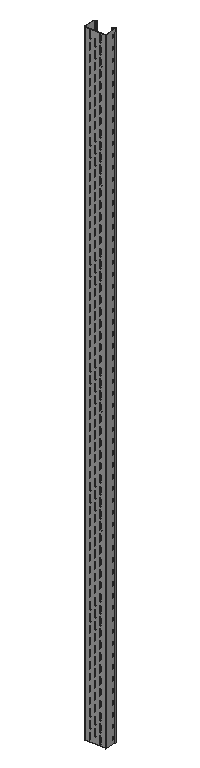
Revit family "Kabelrinne MKS 610FS", category Generic Models, Revit 2017
Family settings
  Can host rebar = No
  Round Connector Dimension = Use Diameter
  Part Type = Normal
  Work Plane-Based = No
  Always vertical = Yes
  Cut with Voids When Loaded = No
  Shared = No
  Room Calculation Point = No
Parameters (values of type "MKS 610 FS")
  Width 1 = Width / 2  # 50 mm
  Width = 100 mm
  URL = "http://www.obo-bettermann.com"
  Material = Strip galvanised
  Manufacturer Art.No. = "6055109"
  Manufacturer = "OBO BETTERMANN"
  Length = 3000 mm
  GTIN = "4012196059652"
  Cut's space = 50 mm
  Cut's number 2 = 60
  Cut's number = 2
  Article Type = "MKS 610 FS"
Reference planes
  plane 1 "Center (Front/Back)": y = 0
  plane 2: z = 0
  plane 3 "Center (Left/Right)": x = 0
  plane 4: x = -50
  plane 5: x = 50
  plane 6: y = 51
  plane 7: y = 54
  plane 8: y = 51
  plane 9: y = 54
  plane 10: z = 3000
  plane 11: x = -25
  plane 12: x = 25
  plane 13: z = 25
  plane 14: x = 25
  plane 15: x = 75
  plane 16: z = 25
  plane 17: x = -25
  plane 18: x = 25
  plane 19: z = 75
  plane 20: x = 25
  plane 21: x = 75
  plane 22: z = 75
  plane 23: x = -25
  plane 24: x = 25
  plane 25: z = 125
  plane 26: x = 25
  plane 27: x = 75
  plane 28: z = 125
  plane 29: x = -25
  plane 30: x = 25
  plane 31: z = 175
  plane 32: x = 25
  plane 33: x = 75
  plane 34: z = 175
  plane 35: x = -25
  plane 36: x = 25
  plane 37: z = 225
  plane 38: x = 25
  plane 39: x = 75
  plane 40: z = 225
  plane 41: x = -25
  plane 42: x = 25
  plane 43: z = 275
  plane 44: x = 25
  plane 45: x = 75
  plane 46: z = 275
  plane 47: x = -25
  plane 48: x = 25
  plane 49: z = 325
  plane 50: x = 25
  plane 51: x = 75
  plane 52: z = 325
  plane 53: x = -25
  plane 54: x = 25
  plane 55: z = 375
  plane 56: x = 25
  plane 57: x = 75
  plane 58: z = 375
  plane 59: x = -25
  plane 60: x = 25
  plane 61: z = 425
  plane 62: x = 25
  plane 63: x = 75
  plane 64: z = 425
  plane 65: x = -25
  plane 66: x = 25
  plane 67: z = 475
  plane 68: x = 25
  plane 69: x = 75
  plane 70: z = 475
  plane 71: x = -25
  plane 72: x = 25
  plane 73: z = 525
  plane 74: x = 25
  plane 75: x = 75
  plane 76: z = 525
  plane 77: x = -25
  plane 78: x = 25
  plane 79: z = 575
  plane 80: x = 25
  plane 81: x = 75
  plane 82: z = 575
  plane 83: x = -25
  plane 84: x = 25
  plane 85: z = 625
  plane 86: x = 25
  plane 87: x = 75
  plane 88: z = 625
  plane 89: x = -25
  plane 90: x = 25
  plane 91: z = 675
  plane 92: x = 25
  plane 93: x = 75
  plane 94: z = 675
  plane 95: x = -25
  plane 96: x = 25
  plane 97: z = 725
  plane 98: x = 25
  plane 99: x = 75
  plane 100: z = 725
  plane 101: x = -25
  plane 102: x = 25
  plane 103: z = 775
  plane 104: x = 25
  plane 105: x = 75
  plane 106: z = 775
  plane 107: x = -25
  plane 108: x = 25
  plane 109: z = 825
  plane 110: x = 25
  plane 111: x = 75
  plane 112: z = 825
  plane 113: x = -25
  plane 114: x = 25
  plane 115: z = 875
  plane 116: x = 25
  plane 117: x = 75
  plane 118: z = 875
  plane 119: x = -25
  plane 120: x = 25
  plane 121: z = 925
  plane 122: x = 25
  plane 123: x = 75
  plane 124: z = 925
  plane 125: x = -25
  plane 126: x = 25
  plane 127: z = 975
  plane 128: x = 25
  plane 129: x = 75
  plane 130: z = 975
  plane 131: x = -25
  plane 132: x = 25
  plane 133: z = 1025
  plane 134: x = 25
  plane 135: x = 75
  plane 136: z = 1025
  plane 137: x = -25
  plane 138: x = 25
  plane 139: z = 1075
  plane 140: x = 25
  plane 141: x = 75
  plane 142: z = 1075
  plane 143: x = -25
  plane 144: x = 25
  plane 145: z = 1125
  plane 146: x = 25
  plane 147: x = 75
  plane 148: z = 1125
  plane 149: x = -25
  plane 150: x = 25
  plane 151: z = 1175
  plane 152: x = 25
  plane 153: x = 75
  plane 154: z = 1175
  plane 155: x = -25
  plane 156: x = 25
  plane 157: z = 1225
  plane 158: x = 25
  plane 159: x = 75
  plane 160: z = 1225
  plane 161: x = -25
  plane 162: x = 25
  plane 163: z = 1275
  plane 164: x = 25
  plane 165: x = 75
  plane 166: z = 1275
  plane 167: x = -25
  plane 168: x = 25
  plane 169: z = 1325
  plane 170: x = 25
  plane 171: x = 75
  plane 172: z = 1325
  plane 173: x = -25
  plane 174: x = 25
  plane 175: z = 1375
  plane 176: x = 25
  plane 177: x = 75
  plane 178: z = 1375
  plane 179: x = -25
  plane 180: x = 25
  plane 181: z = 1425
  plane 182: x = 25
  plane 183: x = 75
  plane 184: z = 1425
  plane 185: x = -25
  plane 186: x = 25
  plane 187: z = 1475
  plane 188: x = 25
  plane 189: x = 75
  plane 190: z = 1475
  plane 191: x = -25
  plane 192: x = 25
  plane 193: z = 1525
  plane 194: x = 25
  plane 195: x = 75
  plane 196: z = 1525
  plane 197: x = -25
  plane 198: x = 25
  plane 199: z = 1575
  plane 200: x = 25
  plane 201: x = 75
  plane 202: z = 1575
  plane 203: x = -25
  plane 204: x = 25
  plane 205: z = 1625
  plane 206: x = 25
  plane 207: x = 75
  plane 208: z = 1625
  plane 209: x = -25
  plane 210: x = 25
  plane 211: z = 1675
  plane 212: x = 25
  plane 213: x = 75
  plane 214: z = 1675
  plane 215: x = -25
  plane 216: x = 25
  plane 217: z = 1725
  plane 218: x = 25
  plane 219: x = 75
  plane 220: z = 1725
  plane 221: x = -25
  plane 222: x = 25
  plane 223: z = 1775
  plane 224: x = 25
  plane 225: x = 75
  plane 226: z = 1775
  plane 227: x = -25
  plane 228: x = 25
  plane 229: z = 1825
  plane 230: x = 25
  plane 231: x = 75
  plane 232: z = 1825
  plane 233: x = -25
  plane 234: x = 25
  plane 235: z = 1875
  plane 236: x = 25
  plane 237: x = 75
  plane 238: z = 1875
  plane 239: x = -25
  plane 240: x = 25
  plane 241: z = 1925
  plane 242: x = 25
  plane 243: x = 75
  plane 244: z = 1925
  plane 245: x = -25
  plane 246: x = 25
  plane 247: z = 1975
  plane 248: x = 25
  plane 249: x = 75
  plane 250: z = 1975
  plane 251: x = -25
  plane 252: x = 25
  plane 253: z = 2025
  plane 254: x = 25
  plane 255: x = 75
  plane 256: z = 2025
  plane 257: x = -25
  plane 258: x = 25
  plane 259: z = 2075
  plane 260: x = 25
  plane 261: x = 75
  plane 262: z = 2075
  plane 263: x = -25
  plane 264: x = 25
  plane 265: z = 2125
  plane 266: x = 25
  plane 267: x = 75
  plane 268: z = 2125
  plane 269: x = -25
  plane 270: x = 25
  plane 271: z = 2175
  plane 272: x = 25
  plane 273: x = 75
  plane 274: z = 2175
  plane 275: x = -25
  plane 276: x = 25
  plane 277: z = 2225
  plane 278: x = 25
  plane 279: x = 75
  plane 280: z = 2225
  plane 281: x = -25
  plane 282: x = 25
  plane 283: z = 2275
  plane 284: x = 25
  plane 285: x = 75
  plane 286: z = 2275
  plane 287: x = -25
  plane 288: x = 25
  plane 289: z = 2325
  plane 290: x = 25
  plane 291: x = 75
  plane 292: z = 2325
  plane 293: x = -25
  plane 294: x = 25
  plane 295: z = 2375
  plane 296: x = 25
  plane 297: x = 75
  plane 298: z = 2375
  plane 299: x = -25
  plane 300: x = 25
  plane 301: z = 2425
  plane 302: x = 25
  plane 303: x = 75
  plane 304: z = 2425
  plane 305: x = -25
  plane 306: x = 25
  plane 307: z = 2475
  plane 308: x = 25
  plane 309: x = 75
  plane 310: z = 2475
  plane 311: x = -25
  plane 312: x = 25
  plane 313: z = 2525
  plane 314: x = 25
  plane 315: x = 75
  plane 316: z = 2525
  plane 317: x = -25
  plane 318: x = 25
  plane 319: z = 2575
  plane 320: x = 25
  plane 321: x = 75
  plane 322: z = 2575
  plane 323: x = -25
  plane 324: x = 25
  plane 325: z = 2625
  plane 326: x = 25
  plane 327: x = 75
  plane 328: z = 2625
  plane 329: x = -25
  plane 330: x = 25
  plane 331: z = 2675
  plane 332: x = 25
  plane 333: x = 75
  plane 334: z = 2675
  plane 335: x = -25
  plane 336: x = 25
  plane 337: z = 2725
  plane 338: x = 25
  plane 339: x = 75
  plane 340: z = 2725
  plane 341: x = -25
  plane 342: x = 25
  plane 343: z = 2775
  plane 344: x = 25
  plane 345: x = 75
  plane 346: z = 2775
  plane 347: x = -25
  plane 348: x = 25
  plane 349: z = 2825
  plane 350: x = 25
  plane 351: x = 75
  plane 352: z = 2825
  plane 353: x = -25
  plane 354: x = 25
  plane 355: z = 2875
  plane 356: x = 25
  plane 357: x = 75
  plane 358: z = 2875
  plane 359: x = -25
  plane 360: x = 25
  plane 361: z = 2925
  plane 362: x = 25
  plane 363: x = 75
  plane 364: z = 2925
  plane 365: x = -25
  plane 366: x = 25
  plane 367: z = 2975
  plane 368: x = 25
  plane 369: x = 75
  plane 370: z = 2975
  plane 371: y = 14.5
  plane 372: z = 25
  plane 373: y = 39.5
  plane 374: z = 25
  plane 375: y = 14.5
  plane 376: z = 75
  plane 377: y = 39.5
  plane 378: z = 75
  plane 379: y = 14.5
  plane 380: z = 125
  plane 381: y = 39.5
  plane 382: z = 125
  plane 383: y = 14.5
  plane 384: z = 175
  plane 385: y = 39.5
  plane 386: z = 175
  plane 387: y = 14.5
  plane 388: z = 225
  plane 389: y = 39.5
  plane 390: z = 225
  plane 391: y = 14.5
  plane 392: z = 275
  plane 393: y = 39.5
  plane 394: z = 275
  plane 395: y = 14.5
  plane 396: z = 325
  plane 397: y = 39.5
  plane 398: z = 325
  plane 399: y = 14.5
  plane 400: z = 375
  plane 401: y = 39.5
  plane 402: z = 375
  plane 403: y = 14.5
  plane 404: z = 425
  plane 405: y = 39.5
  plane 406: z = 425
  plane 407: y = 14.5
  plane 408: z = 475
  plane 409: y = 39.5
  plane 410: z = 475
  plane 411: y = 14.5
  plane 412: z = 525
  plane 413: y = 39.5
  plane 414: z = 525
  plane 415: y = 14.5
  plane 416: z = 575
  plane 417: y = 39.5
  plane 418: z = 575
  plane 419: y = 14.5
  plane 420: z = 625
  plane 421: y = 39.5
  plane 422: z = 625
  plane 423: y = 14.5
  plane 424: z = 675
  plane 425: y = 39.5
  plane 426: z = 675
  plane 427: y = 14.5
  plane 428: z = 725
  plane 429: y = 39.5
  plane 430: z = 725
  plane 431: y = 14.5
  plane 432: z = 775
  plane 433: y = 39.5
  plane 434: z = 775
  plane 435: y = 14.5
  plane 436: z = 825
  plane 437: y = 39.5
  plane 438: z = 825
  plane 439: y = 14.5
  plane 440: z = 875
  plane 441: y = 39.5
  plane 442: z = 875
  plane 443: y = 14.5
  plane 444: z = 925
  plane 445: y = 39.5
  plane 446: z = 925
  plane 447: y = 14.5
  plane 448: z = 975
  plane 449: y = 39.5
  plane 450: z = 975
  plane 451: y = 14.5
  plane 452: z = 1025
  plane 453: y = 39.5
  plane 454: z = 1025
  plane 455: y = 14.5
  plane 456: z = 1075
  plane 457: y = 39.5
  plane 458: z = 1075
  plane 459: y = 14.5
  plane 460: z = 1125
  plane 461: y = 39.5
  plane 462: z = 1125
  plane 463: y = 14.5
  plane 464: z = 1175
  plane 465: y = 39.5
  plane 466: z = 1175
  plane 467: y = 14.5
  plane 468: z = 1225
  plane 469: y = 39.5
  plane 470: z = 1225
  plane 471: y = 14.5
  plane 472: z = 1275
  plane 473: y = 39.5
  plane 474: z = 1275
  plane 475: y = 14.5
  plane 476: z = 1325
  plane 477: y = 39.5
  plane 478: z = 1325
  plane 479: y = 14.5
  plane 480: z = 1375
  plane 481: y = 39.5
  plane 482: z = 1375
  plane 483: y = 14.5
  plane 484: z = 1425
  plane 485: y = 39.5
  plane 486: z = 1425
  plane 487: y = 14.5
  plane 488: z = 1475
  plane 489: y = 39.5
  plane 490: z = 1475
  plane 491: y = 14.5
  plane 492: z = 1525
  plane 493: y = 39.5
  plane 494: z = 1525
  plane 495: y = 14.5
  plane 496: z = 1575
  plane 497: y = 39.5
  plane 498: z = 1575
  plane 499: y = 14.5
  plane 500: z = 1625
  plane 501: y = 39.5
  plane 502: z = 1625
  plane 503: y = 14.5
  plane 504: z = 1675
  plane 505: y = 39.5
  plane 506: z = 1675
  plane 507: y = 14.5
  plane 508: z = 1725
  plane 509: y = 39.5
  plane 510: z = 1725
  plane 511: y = 14.5
  plane 512: z = 1775
  plane 513: y = 39.5
  plane 514: z = 1775
  plane 515: y = 14.5
  plane 516: z = 1825
  plane 517: y = 39.5
  plane 518: z = 1825
  plane 519: y = 14.5
  plane 520: z = 1875
  plane 521: y = 39.5
  plane 522: z = 1875
  plane 523: y = 14.5
  plane 524: z = 1925
  plane 525: y = 39.5
  plane 526: z = 1925
  plane 527: y = 14.5
  plane 528: z = 1975
  plane 529: y = 39.5
  plane 530: z = 1975
  plane 531: y = 14.5
  plane 532: z = 2025
  plane 533: y = 39.5
  plane 534: z = 2025
  plane 535: y = 14.5
  plane 536: z = 2075
  plane 537: y = 39.5
  plane 538: z = 2075
  plane 539: y = 14.5
  plane 540: z = 2125
  plane 541: y = 39.5
  plane 542: z = 2125
  plane 543: y = 14.5
  plane 544: z = 2175
  plane 545: y = 39.5
  plane 546: z = 2175
  plane 547: y = 14.5
  plane 548: z = 2225
  plane 549: y = 39.5
  plane 550: z = 2225
  plane 551: y = 14.5
  plane 552: z = 2275
  plane 553: y = 39.5
  plane 554: z = 2275
  plane 555: y = 14.5
  plane 556: z = 2325
  plane 557: y = 39.5
  plane 558: z = 2325
  plane 559: y = 14.5
  plane 560: z = 2375
  plane 561: y = 39.5
  plane 562: z = 2375
  plane 563: y = 14.5
  plane 564: z = 2425
  plane 565: y = 39.5
  plane 566: z = 2425
  plane 567: y = 14.5
  plane 568: z = 2475
  plane 569: y = 39.5
  plane 570: z = 2475
  plane 571: y = 14.5
  plane 572: z = 2525
  plane 573: y = 39.5
  plane 574: z = 2525
  plane 575: y = 14.5
  plane 576: z = 2575
  plane 577: y = 39.5
  plane 578: z = 2575
  plane 579: y = 14.5
  plane 580: z = 2625
  plane 581: y = 39.5
  plane 582: z = 2625
  plane 583: y = 14.5
  plane 584: z = 2675
  plane 585: y = 39.5
  plane 586: z = 2675
  plane 587: y = 14.5
  plane 588: z = 2725
  plane 589: y = 39.5
  plane 590: z = 2725
  plane 591: y = 14.5
  plane 592: z = 2775
  plane 593: y = 39.5
  plane 594: z = 2775
  plane 595: y = 14.5
  plane 596: z = 2825
  plane 597: y = 39.5
  plane 598: z = 2825
  plane 599: y = 14.5
  plane 600: z = 2875
  plane 601: y = 39.5
  plane 602: z = 2875
  plane 603: y = 14.5
  plane 604: z = 2925
  plane 605: y = 39.5
  plane 606: z = 2925
  plane 607: y = 14.5
  plane 608: z = 2975
  plane 609: y = 39.5
  plane 610: z = 2975
  plane 611: y = 14.5
  plane 612: z = 25
  plane 613: y = 39.5
  plane 614: z = 25
  plane 615: y = 14.5
  plane 616: z = 75
  plane 617: y = 39.5
  plane 618: z = 75
  plane 619: y = 14.5
  plane 620: z = 125
  plane 621: y = 39.5
  plane 622: z = 125
  plane 623: y = 14.5
  plane 624: z = 175
  plane 625: y = 39.5
  plane 626: z = 175
  plane 627: y = 14.5
  plane 628: z = 225
  plane 629: y = 39.5
  plane 630: z = 225
  plane 631: y = 14.5
  plane 632: z = 275
  plane 633: y = 39.5
  plane 634: z = 275
  plane 635: y = 14.5
  plane 636: z = 325
  plane 637: y = 39.5
  plane 638: z = 325
  plane 639: y = 14.5
  plane 640: z = 375
  plane 641: y = 39.5
  plane 642: z = 375
  plane 643: y = 14.5
  plane 644: z = 425
  plane 645: y = 39.5
  plane 646: z = 425
  plane 647: y = 14.5
  plane 648: z = 475
  plane 649: y = 39.5
  plane 650: z = 475
  plane 651: y = 14.5
  plane 652: z = 525
  plane 653: y = 39.5
  plane 654: z = 525
  plane 655: y = 14.5
  plane 656: z = 575
  plane 657: y = 39.5
  plane 658: z = 575
  plane 659: y = 14.5
  plane 660: z = 625
  plane 661: y = 39.5
  plane 662: z = 625
  plane 663: y = 14.5
  plane 664: z = 675
  plane 665: y = 39.5
  plane 666: z = 675
  plane 667: y = 14.5
  plane 668: z = 725
  plane 669: y = 39.5
  plane 670: z = 725
  plane 671: y = 14.5
  plane 672: z = 775
  plane 673: y = 39.5
  plane 674: z = 775
  plane 675: y = 14.5
  plane 676: z = 825
  plane 677: y = 39.5
  plane 678: z = 825
  plane 679: y = 14.5
  plane 680: z = 875
  plane 681: y = 39.5
  plane 682: z = 875
  plane 683: y = 14.5
  plane 684: z = 925
  plane 685: y = 39.5
  plane 686: z = 925
  plane 687: y = 14.5
  plane 688: z = 975
  plane 689: y = 39.5
  plane 690: z = 975
  plane 691: y = 14.5
  plane 692: z = 1025
  plane 693: y = 39.5
  plane 694: z = 1025
  plane 695: y = 14.5
  plane 696: z = 1075
  plane 697: y = 39.5
  plane 698: z = 1075
  plane 699: y = 14.5
  plane 700: z = 1125
  plane 701: y = 39.5
  plane 702: z = 1125
  plane 703: y = 14.5
  plane 704: z = 1175
  plane 705: y = 39.5
  plane 706: z = 1175
  plane 707: y = 14.5
  plane 708: z = 1225
  plane 709: y = 39.5
  plane 710: z = 1225
  plane 711: y = 14.5
  plane 712: z = 1275
  plane 713: y = 39.5
  plane 714: z = 1275
  plane 715: y = 14.5
  plane 716: z = 1325
  plane 717: y = 39.5
  plane 718: z = 1325
  plane 719: y = 14.5
  plane 720: z = 1375
  plane 721: y = 39.5
  plane 722: z = 1375
  plane 723: y = 14.5
  plane 724: z = 1425
  plane 725: y = 39.5
  plane 726: z = 1425
  plane 727: y = 14.5
  plane 728: z = 1475
  plane 729: y = 39.5
  plane 730: z = 1475
  plane 731: y = 14.5
  plane 732: z = 1525
  plane 733: y = 39.5
  plane 734: z = 1525
  plane 735: y = 14.5
  plane 736: z = 1575
  plane 737: y = 39.5
  plane 738: z = 1575
  plane 739: y = 14.5
  plane 740: z = 1625
  plane 741: y = 39.5
  plane 742: z = 1625
  plane 743: y = 14.5
  plane 744: z = 1675
  plane 745: y = 39.5
  plane 746: z = 1675
  plane 747: y = 14.5
  plane 748: z = 1725
  plane 749: y = 39.5
  plane 750: z = 1725
  plane 751: y = 14.5
  plane 752: z = 1775
  plane 753: y = 39.5
  plane 754: z = 1775
  plane 755: y = 14.5
  plane 756: z = 1825
  plane 757: y = 39.5
  plane 758: z = 1825
  plane 759: y = 14.5
  plane 760: z = 1875
  plane 761: y = 39.5
  plane 762: z = 1875
  plane 763: y = 14.5
  plane 764: z = 1925
  plane 765: y = 39.5
  plane 766: z = 1925
  plane 767: y = 14.5
  plane 768: z = 1975
  plane 769: y = 39.5
  plane 770: z = 1975
  plane 771: y = 14.5
  plane 772: z = 2025
  plane 773: y = 39.5
  plane 774: z = 2025
  plane 775: y = 14.5
  plane 776: z = 2075
  plane 777: y = 39.5
  plane 778: z = 2075
  plane 779: y = 14.5
  plane 780: z = 2125
  plane 781: y = 39.5
  plane 782: z = 2125
  plane 783: y = 14.5
  plane 784: z = 2175
  plane 785: y = 39.5
  plane 786: z = 2175
  plane 787: y = 14.5
  plane 788: z = 2225
  plane 789: y = 39.5
  plane 790: z = 2225
  plane 791: y = 14.5
  plane 792: z = 2275
  plane 793: y = 39.5
  plane 794: z = 2275
  plane 795: y = 14.5
  plane 796: z = 2325
  plane 797: y = 39.5
  plane 798: z = 2325
  plane 799: y = 14.5
  plane 800: z = 2375
  plane 801: y = 39.5
  plane 802: z = 2375
  plane 803: y = 14.5
  plane 804: z = 2425
  plane 805: y = 39.5
  plane 806: z = 2425
  plane 807: y = 14.5
  plane 808: z = 2475
  plane 809: y = 39.5
  plane 810: z = 2475
  plane 811: y = 14.5
  plane 812: z = 2525
  plane 813: y = 39.5
  plane 814: z = 2525
  plane 815: y = 14.5
  plane 816: z = 2575
  plane 817: y = 39.5
  plane 818: z = 2575
  plane 819: y = 14.5
  plane 820: z = 2625
  plane 821: y = 39.5
  plane 822: z = 2625
  plane 823: y = 14.5
  plane 824: z = 2675
  plane 825: y = 39.5
  plane 826: z = 2675
  plane 827: y = 14.5
  plane 828: z = 2725
  plane 829: y = 39.5
  plane 830: z = 2725
  plane 831: y = 14.5
  plane 832: z = 2775
  plane 833: y = 39.5
  plane 834: z = 2775
  plane 835: y = 14.5
  plane 836: z = 2825
  plane 837: y = 39.5
  plane 838: z = 2825
  plane 839: y = 14.5
  plane 840: z = 2875
  plane 841: y = 39.5
  plane 842: z = 2875
  plane 843: y = 14.5
  plane 844: z = 2925
  plane 845: y = 39.5
  plane 846: z = 2925
  plane 847: y = 14.5
  plane 848: z = 2975
  plane 849: y = 39.5
  plane 850: z = 2975
  plane 851: z = 50
  plane 852: z = 100
  plane 853: z = 150
  plane 854: z = 200
  plane 855: z = 250
  plane 856: z = 300
  plane 857: z = 350
  plane 858: z = 400
  plane 859: z = 450
  plane 860: z = 500
  plane 861: z = 550
  plane 862: z = 600
  plane 863: z = 650
  plane 864: z = 700
  plane 865: z = 750
  plane 866: z = 800
  plane 867: z = 850
  plane 868: z = 900
  plane 869: z = 950
  plane 870: z = 1000
  plane 871: z = 1050
  plane 872: z = 1100
  plane 873: z = 1150
  plane 874: z = 1200
  plane 875: z = 1250
  plane 876: z = 1300
  plane 877: z = 1350
  plane 878: z = 1400
  plane 879: z = 1450
  plane 880: z = 1500
  plane 881: z = 1550
  plane 882: z = 1600
  plane 883: z = 1650
  plane 884: z = 1700
  plane 885: z = 1750
  plane 886: z = 1800
  plane 887: z = 1850
  plane 888: z = 1900
  plane 889: z = 1950
  plane 890: z = 2000
  plane 891: z = 2050
  plane 892: z = 2100
  plane 893: z = 2150
  plane 894: z = 2200
  plane 895: z = 2250
  plane 896: z = 2300
  plane 897: z = 2350
  plane 898: z = 2400
  plane 899: z = 2450
  plane 900: z = 2500
  plane 901: z = 2550
  plane 902: z = 2600
  plane 903: z = 2650
  plane 904: z = 2700
  plane 905: z = 2750
  plane 906: z = 2800
  plane 907: z = 2850
  plane 908: z = 2900
  plane 909: z = 2950
Forms (mm)
  Extrusion 1, solid, material "Strip galvanised" <- "Material"
    sketch origin (0, 0, 0) x (1, 0, 0) y (0, 1, 0)
      loop
        line (-48, 0) -> (48, 0)
        arc (48, 0) -> (49.414, 0.586) -> (50, 2) r 2
        line (50, 2) -> (50, 54)
        arc (50, 54) -> (43.997, 60.003) -> (37.995, 54) r 6.003
        line (37.995, 54) -> (37.995, 51) -> (38.995, 51) -> (38.995, 54)
        arc (38.995, 54) -> (43.997, 59.003) -> (49, 54) r 5.003
        line (49, 54) -> (49, 2)
        arc (49, 2) -> (48.707, 1.293) -> (48, 1) r 1
        line (48, 1) -> (-48, 1)
        arc (-48, 1) -> (-48.707, 1.293) -> (-49, 2) r 1
        line (-49, 2) -> (-49, 54)
        arc (-49, 54) -> (-44, 59) -> (-39, 54) r 5
        line (-39, 54) -> (-39, 51) -> (-38, 51) -> (-38, 54)
        arc (-38, 54) -> (-44, 60) -> (-50, 54) r 6
        line (-50, 54) -> (-50, 2)
        arc (-50, 2) -> (-49.414, 0.586) -> (-48, 0) r 2
    from 0 to 3000
  Extrusion 2, void
    sketch origin (0, 0, 0) x (1, 0, 0) y (0, 0, 1)
      loop
        line (-28.5, 41) -> (-28.5, 9) -> (-21.5, 9) -> (-21.5, 41) -> (-28.5, 41)
    from 0 to -1
  Extrusion 3, void
    sketch origin (50, 0, 0) x (1, 0, 0) y (0, 0, 1)
      loop
        line (-28.5, 41) -> (-28.5, 9) -> (-21.5, 9) -> (-21.5, 41) -> (-28.5, 41)
    from 0 to -1
  Extrusion 4, void
    sketch origin (0, 0, 50) x (1, 0, 0) y (0, 0, 1)
      loop
        line (-28.5, 41) -> (-28.5, 9) -> (-21.5, 9) -> (-21.5, 41) -> (-28.5, 41)
    from 0 to -1
  Extrusion 5, void
    sketch origin (50, 0, 50) x (1, 0, 0) y (0, 0, 1)
      loop
        line (-28.5, 41) -> (-28.5, 9) -> (-21.5, 9) -> (-21.5, 41) -> (-28.5, 41)
    from 0 to -1
  Extrusion 6, void
    sketch origin (0, 0, 100) x (1, 0, 0) y (0, 0, 1)
      loop
        line (-28.5, 41) -> (-28.5, 9) -> (-21.5, 9) -> (-21.5, 41) -> (-28.5, 41)
    from 0 to -1
  Extrusion 7, void
    sketch origin (50, 0, 100) x (1, 0, 0) y (0, 0, 1)
      loop
        line (-28.5, 41) -> (-28.5, 9) -> (-21.5, 9) -> (-21.5, 41) -> (-28.5, 41)
    from 0 to -1
  Extrusion 8, void
    sketch origin (0, 0, 150) x (1, 0, 0) y (0, 0, 1)
      loop
        line (-28.5, 41) -> (-28.5, 9) -> (-21.5, 9) -> (-21.5, 41) -> (-28.5, 41)
    from 0 to -1
  Extrusion 9, void
    sketch origin (50, 0, 150) x (1, 0, 0) y (0, 0, 1)
      loop
        line (-28.5, 41) -> (-28.5, 9) -> (-21.5, 9) -> (-21.5, 41) -> (-28.5, 41)
    from 0 to -1
  Extrusion 10, void
    sketch origin (0, 0, 200) x (1, 0, 0) y (0, 0, 1)
      loop
        line (-28.5, 41) -> (-28.5, 9) -> (-21.5, 9) -> (-21.5, 41) -> (-28.5, 41)
    from 0 to -1
  Extrusion 11, void
    sketch origin (50, 0, 200) x (1, 0, 0) y (0, 0, 1)
      loop
        line (-28.5, 41) -> (-28.5, 9) -> (-21.5, 9) -> (-21.5, 41) -> (-28.5, 41)
    from 0 to -1
  Extrusion 12, void
    sketch origin (0, 0, 250) x (1, 0, 0) y (0, 0, 1)
      loop
        line (-28.5, 41) -> (-28.5, 9) -> (-21.5, 9) -> (-21.5, 41) -> (-28.5, 41)
    from 0 to -1
  Extrusion 13, void
    sketch origin (50, 0, 250) x (1, 0, 0) y (0, 0, 1)
      loop
        line (-28.5, 41) -> (-28.5, 9) -> (-21.5, 9) -> (-21.5, 41) -> (-28.5, 41)
    from 0 to -1
  Extrusion 14, void
    sketch origin (0, 0, 300) x (1, 0, 0) y (0, 0, 1)
      loop
        line (-28.5, 41) -> (-28.5, 9) -> (-21.5, 9) -> (-21.5, 41) -> (-28.5, 41)
    from 0 to -1
  Extrusion 15, void
    sketch origin (50, 0, 300) x (1, 0, 0) y (0, 0, 1)
      loop
        line (-28.5, 41) -> (-28.5, 9) -> (-21.5, 9) -> (-21.5, 41) -> (-28.5, 41)
    from 0 to -1
  Extrusion 16, void
    sketch origin (0, 0, 350) x (1, 0, 0) y (0, 0, 1)
      loop
        line (-28.5, 41) -> (-28.5, 9) -> (-21.5, 9) -> (-21.5, 41) -> (-28.5, 41)
    from 0 to -1
  Extrusion 17, void
    sketch origin (50, 0, 350) x (1, 0, 0) y (0, 0, 1)
      loop
        line (-28.5, 41) -> (-28.5, 9) -> (-21.5, 9) -> (-21.5, 41) -> (-28.5, 41)
    from 0 to -1
  Extrusion 18, void
    sketch origin (0, 0, 400) x (1, 0, 0) y (0, 0, 1)
      loop
        line (-28.5, 41) -> (-28.5, 9) -> (-21.5, 9) -> (-21.5, 41) -> (-28.5, 41)
    from 0 to -1
  Extrusion 19, void
    sketch origin (50, 0, 400) x (1, 0, 0) y (0, 0, 1)
      loop
        line (-28.5, 41) -> (-28.5, 9) -> (-21.5, 9) -> (-21.5, 41) -> (-28.5, 41)
    from 0 to -1
  Extrusion 20, void
    sketch origin (0, 0, 450) x (1, 0, 0) y (0, 0, 1)
      loop
        line (-28.5, 41) -> (-28.5, 9) -> (-21.5, 9) -> (-21.5, 41) -> (-28.5, 41)
    from 0 to -1
  Extrusion 21, void
    sketch origin (50, 0, 450) x (1, 0, 0) y (0, 0, 1)
      loop
        line (-28.5, 41) -> (-28.5, 9) -> (-21.5, 9) -> (-21.5, 41) -> (-28.5, 41)
    from 0 to -1
  Extrusion 22, void
    sketch origin (0, 0, 500) x (1, 0, 0) y (0, 0, 1)
      loop
        line (-28.5, 41) -> (-28.5, 9) -> (-21.5, 9) -> (-21.5, 41) -> (-28.5, 41)
    from 0 to -1
  Extrusion 23, void
    sketch origin (50, 0, 500) x (1, 0, 0) y (0, 0, 1)
      loop
        line (-28.5, 41) -> (-28.5, 9) -> (-21.5, 9) -> (-21.5, 41) -> (-28.5, 41)
    from 0 to -1
  Extrusion 24, void
    sketch origin (0, 0, 550) x (1, 0, 0) y (0, 0, 1)
      loop
        line (-28.5, 41) -> (-28.5, 9) -> (-21.5, 9) -> (-21.5, 41) -> (-28.5, 41)
    from 0 to -1
  Extrusion 25, void
    sketch origin (50, 0, 550) x (1, 0, 0) y (0, 0, 1)
      loop
        line (-28.5, 41) -> (-28.5, 9) -> (-21.5, 9) -> (-21.5, 41) -> (-28.5, 41)
    from 0 to -1
  Extrusion 26, void
    sketch origin (0, 0, 600) x (1, 0, 0) y (0, 0, 1)
      loop
        line (-28.5, 41) -> (-28.5, 9) -> (-21.5, 9) -> (-21.5, 41) -> (-28.5, 41)
    from 0 to -1
  Extrusion 27, void
    sketch origin (50, 0, 600) x (1, 0, 0) y (0, 0, 1)
      loop
        line (-28.5, 41) -> (-28.5, 9) -> (-21.5, 9) -> (-21.5, 41) -> (-28.5, 41)
    from 0 to -1
  Extrusion 28, void
    sketch origin (0, 0, 650) x (1, 0, 0) y (0, 0, 1)
      loop
        line (-28.5, 41) -> (-28.5, 9) -> (-21.5, 9) -> (-21.5, 41) -> (-28.5, 41)
    from 0 to -1
  Extrusion 29, void
    sketch origin (50, 0, 650) x (1, 0, 0) y (0, 0, 1)
      loop
        line (-28.5, 41) -> (-28.5, 9) -> (-21.5, 9) -> (-21.5, 41) -> (-28.5, 41)
    from 0 to -1
  Extrusion 30, void
    sketch origin (0, 0, 700) x (1, 0, 0) y (0, 0, 1)
      loop
        line (-28.5, 41) -> (-28.5, 9) -> (-21.5, 9) -> (-21.5, 41) -> (-28.5, 41)
    from 0 to -1
  Extrusion 31, void
    sketch origin (50, 0, 700) x (1, 0, 0) y (0, 0, 1)
      loop
        line (-28.5, 41) -> (-28.5, 9) -> (-21.5, 9) -> (-21.5, 41) -> (-28.5, 41)
    from 0 to -1
  Extrusion 32, void
    sketch origin (0, 0, 750) x (1, 0, 0) y (0, 0, 1)
      loop
        line (-28.5, 41) -> (-28.5, 9) -> (-21.5, 9) -> (-21.5, 41) -> (-28.5, 41)
    from 0 to -1
  Extrusion 33, void
    sketch origin (50, 0, 750) x (1, 0, 0) y (0, 0, 1)
      loop
        line (-28.5, 41) -> (-28.5, 9) -> (-21.5, 9) -> (-21.5, 41) -> (-28.5, 41)
    from 0 to -1
  Extrusion 34, void
    sketch origin (0, 0, 800) x (1, 0, 0) y (0, 0, 1)
      loop
        line (-28.5, 41) -> (-28.5, 9) -> (-21.5, 9) -> (-21.5, 41) -> (-28.5, 41)
    from 0 to -1
  Extrusion 35, void
    sketch origin (50, 0, 800) x (1, 0, 0) y (0, 0, 1)
      loop
        line (-28.5, 41) -> (-28.5, 9) -> (-21.5, 9) -> (-21.5, 41) -> (-28.5, 41)
    from 0 to -1
  Extrusion 36, void
    sketch origin (0, 0, 850) x (1, 0, 0) y (0, 0, 1)
      loop
        line (-28.5, 41) -> (-28.5, 9) -> (-21.5, 9) -> (-21.5, 41) -> (-28.5, 41)
    from 0 to -1
  Extrusion 37, void
    sketch origin (50, 0, 850) x (1, 0, 0) y (0, 0, 1)
      loop
        line (-28.5, 41) -> (-28.5, 9) -> (-21.5, 9) -> (-21.5, 41) -> (-28.5, 41)
    from 0 to -1
  Extrusion 38, void
    sketch origin (0, 0, 900) x (1, 0, 0) y (0, 0, 1)
      loop
        line (-28.5, 41) -> (-28.5, 9) -> (-21.5, 9) -> (-21.5, 41) -> (-28.5, 41)
    from 0 to -1
  Extrusion 39, void
    sketch origin (50, 0, 900) x (1, 0, 0) y (0, 0, 1)
      loop
        line (-28.5, 41) -> (-28.5, 9) -> (-21.5, 9) -> (-21.5, 41) -> (-28.5, 41)
    from 0 to -1
  Extrusion 40, void
    sketch origin (0, 0, 950) x (1, 0, 0) y (0, 0, 1)
      loop
        line (-28.5, 41) -> (-28.5, 9) -> (-21.5, 9) -> (-21.5, 41) -> (-28.5, 41)
    from 0 to -1
  Extrusion 41, void
    sketch origin (50, 0, 950) x (1, 0, 0) y (0, 0, 1)
      loop
        line (-28.5, 41) -> (-28.5, 9) -> (-21.5, 9) -> (-21.5, 41) -> (-28.5, 41)
    from 0 to -1
  Extrusion 42, void
    sketch origin (0, 0, 1000) x (1, 0, 0) y (0, 0, 1)
      loop
        line (-28.5, 41) -> (-28.5, 9) -> (-21.5, 9) -> (-21.5, 41) -> (-28.5, 41)
    from 0 to -1
  Extrusion 43, void
    sketch origin (50, 0, 1000) x (1, 0, 0) y (0, 0, 1)
      loop
        line (-28.5, 41) -> (-28.5, 9) -> (-21.5, 9) -> (-21.5, 41) -> (-28.5, 41)
    from 0 to -1
  Extrusion 44, void
    sketch origin (0, 0, 1050) x (1, 0, 0) y (0, 0, 1)
      loop
        line (-28.5, 41) -> (-28.5, 9) -> (-21.5, 9) -> (-21.5, 41) -> (-28.5, 41)
    from 0 to -1
  Extrusion 45, void
    sketch origin (50, 0, 1050) x (1, 0, 0) y (0, 0, 1)
      loop
        line (-28.5, 41) -> (-28.5, 9) -> (-21.5, 9) -> (-21.5, 41) -> (-28.5, 41)
    from 0 to -1
  Extrusion 46, void
    sketch origin (0, 0, 1100) x (1, 0, 0) y (0, 0, 1)
      loop
        line (-28.5, 41) -> (-28.5, 9) -> (-21.5, 9) -> (-21.5, 41) -> (-28.5, 41)
    from 0 to -1
  Extrusion 47, void
    sketch origin (50, 0, 1100) x (1, 0, 0) y (0, 0, 1)
      loop
        line (-28.5, 41) -> (-28.5, 9) -> (-21.5, 9) -> (-21.5, 41) -> (-28.5, 41)
    from 0 to -1
  Extrusion 48, void
    sketch origin (0, 0, 1150) x (1, 0, 0) y (0, 0, 1)
      loop
        line (-28.5, 41) -> (-28.5, 9) -> (-21.5, 9) -> (-21.5, 41) -> (-28.5, 41)
    from 0 to -1
  Extrusion 49, void
    sketch origin (50, 0, 1150) x (1, 0, 0) y (0, 0, 1)
      loop
        line (-28.5, 41) -> (-28.5, 9) -> (-21.5, 9) -> (-21.5, 41) -> (-28.5, 41)
    from 0 to -1
  Extrusion 50, void
    sketch origin (0, 0, 1200) x (1, 0, 0) y (0, 0, 1)
      loop
        line (-28.5, 41) -> (-28.5, 9) -> (-21.5, 9) -> (-21.5, 41) -> (-28.5, 41)
    from 0 to -1
  Extrusion 51, void
    sketch origin (50, 0, 1200) x (1, 0, 0) y (0, 0, 1)
      loop
        line (-28.5, 41) -> (-28.5, 9) -> (-21.5, 9) -> (-21.5, 41) -> (-28.5, 41)
    from 0 to -1
  Extrusion 52, void
    sketch origin (0, 0, 1250) x (1, 0, 0) y (0, 0, 1)
      loop
        line (-28.5, 41) -> (-28.5, 9) -> (-21.5, 9) -> (-21.5, 41) -> (-28.5, 41)
    from 0 to -1
  Extrusion 53, void
    sketch origin (50, 0, 1250) x (1, 0, 0) y (0, 0, 1)
      loop
        line (-28.5, 41) -> (-28.5, 9) -> (-21.5, 9) -> (-21.5, 41) -> (-28.5, 41)
    from 0 to -1
  Extrusion 54, void
    sketch origin (0, 0, 1300) x (1, 0, 0) y (0, 0, 1)
      loop
        line (-28.5, 41) -> (-28.5, 9) -> (-21.5, 9) -> (-21.5, 41) -> (-28.5, 41)
    from 0 to -1
  Extrusion 55, void
    sketch origin (50, 0, 1300) x (1, 0, 0) y (0, 0, 1)
      loop
        line (-28.5, 41) -> (-28.5, 9) -> (-21.5, 9) -> (-21.5, 41) -> (-28.5, 41)
    from 0 to -1
  Extrusion 56, void
    sketch origin (0, 0, 1350) x (1, 0, 0) y (0, 0, 1)
      loop
        line (-28.5, 41) -> (-28.5, 9) -> (-21.5, 9) -> (-21.5, 41) -> (-28.5, 41)
    from 0 to -1
  Extrusion 57, void
    sketch origin (50, 0, 1350) x (1, 0, 0) y (0, 0, 1)
      loop
        line (-28.5, 41) -> (-28.5, 9) -> (-21.5, 9) -> (-21.5, 41) -> (-28.5, 41)
    from 0 to -1
  Extrusion 58, void
    sketch origin (0, 0, 1400) x (1, 0, 0) y (0, 0, 1)
      loop
        line (-28.5, 41) -> (-28.5, 9) -> (-21.5, 9) -> (-21.5, 41) -> (-28.5, 41)
    from 0 to -1
  Extrusion 59, void
    sketch origin (50, 0, 1400) x (1, 0, 0) y (0, 0, 1)
      loop
        line (-28.5, 41) -> (-28.5, 9) -> (-21.5, 9) -> (-21.5, 41) -> (-28.5, 41)
    from 0 to -1
  Extrusion 60, void
    sketch origin (0, 0, 1450) x (1, 0, 0) y (0, 0, 1)
      loop
        line (-28.5, 41) -> (-28.5, 9) -> (-21.5, 9) -> (-21.5, 41) -> (-28.5, 41)
    from 0 to -1
  Extrusion 61, void
    sketch origin (50, 0, 1450) x (1, 0, 0) y (0, 0, 1)
      loop
        line (-28.5, 41) -> (-28.5, 9) -> (-21.5, 9) -> (-21.5, 41) -> (-28.5, 41)
    from 0 to -1
  Extrusion 62, void
    sketch origin (0, 0, 1500) x (1, 0, 0) y (0, 0, 1)
      loop
        line (-28.5, 41) -> (-28.5, 9) -> (-21.5, 9) -> (-21.5, 41) -> (-28.5, 41)
    from 0 to -1
  Extrusion 63, void
    sketch origin (50, 0, 1500) x (1, 0, 0) y (0, 0, 1)
      loop
        line (-28.5, 41) -> (-28.5, 9) -> (-21.5, 9) -> (-21.5, 41) -> (-28.5, 41)
    from 0 to -1
  Extrusion 64, void
    sketch origin (0, 0, 1550) x (1, 0, 0) y (0, 0, 1)
      loop
        line (-28.5, 41) -> (-28.5, 9) -> (-21.5, 9) -> (-21.5, 41) -> (-28.5, 41)
    from 0 to -1
  Extrusion 65, void
    sketch origin (50, 0, 1550) x (1, 0, 0) y (0, 0, 1)
      loop
        line (-28.5, 41) -> (-28.5, 9) -> (-21.5, 9) -> (-21.5, 41) -> (-28.5, 41)
    from 0 to -1
  Extrusion 66, void
    sketch origin (0, 0, 1600) x (1, 0, 0) y (0, 0, 1)
      loop
        line (-28.5, 41) -> (-28.5, 9) -> (-21.5, 9) -> (-21.5, 41) -> (-28.5, 41)
    from 0 to -1
  Extrusion 67, void
    sketch origin (50, 0, 1600) x (1, 0, 0) y (0, 0, 1)
      loop
        line (-28.5, 41) -> (-28.5, 9) -> (-21.5, 9) -> (-21.5, 41) -> (-28.5, 41)
    from 0 to -1
  Extrusion 68, void
    sketch origin (0, 0, 1650) x (1, 0, 0) y (0, 0, 1)
      loop
        line (-28.5, 41) -> (-28.5, 9) -> (-21.5, 9) -> (-21.5, 41) -> (-28.5, 41)
    from 0 to -1
  Extrusion 69, void
    sketch origin (50, 0, 1650) x (1, 0, 0) y (0, 0, 1)
      loop
        line (-28.5, 41) -> (-28.5, 9) -> (-21.5, 9) -> (-21.5, 41) -> (-28.5, 41)
    from 0 to -1
  Extrusion 70, void
    sketch origin (0, 0, 1700) x (1, 0, 0) y (0, 0, 1)
      loop
        line (-28.5, 41) -> (-28.5, 9) -> (-21.5, 9) -> (-21.5, 41) -> (-28.5, 41)
    from 0 to -1
  Extrusion 71, void
    sketch origin (50, 0, 1700) x (1, 0, 0) y (0, 0, 1)
      loop
        line (-28.5, 41) -> (-28.5, 9) -> (-21.5, 9) -> (-21.5, 41) -> (-28.5, 41)
    from 0 to -1
  Extrusion 72, void
    sketch origin (0, 0, 1750) x (1, 0, 0) y (0, 0, 1)
      loop
        line (-28.5, 41) -> (-28.5, 9) -> (-21.5, 9) -> (-21.5, 41) -> (-28.5, 41)
    from 0 to -1
  Extrusion 73, void
    sketch origin (50, 0, 1750) x (1, 0, 0) y (0, 0, 1)
      loop
        line (-28.5, 41) -> (-28.5, 9) -> (-21.5, 9) -> (-21.5, 41) -> (-28.5, 41)
    from 0 to -1
  Extrusion 74, void
    sketch origin (0, 0, 1800) x (1, 0, 0) y (0, 0, 1)
      loop
        line (-28.5, 41) -> (-28.5, 9) -> (-21.5, 9) -> (-21.5, 41) -> (-28.5, 41)
    from 0 to -1
  Extrusion 75, void
    sketch origin (50, 0, 1800) x (1, 0, 0) y (0, 0, 1)
      loop
        line (-28.5, 41) -> (-28.5, 9) -> (-21.5, 9) -> (-21.5, 41) -> (-28.5, 41)
    from 0 to -1
  Extrusion 76, void
    sketch origin (0, 0, 1850) x (1, 0, 0) y (0, 0, 1)
      loop
        line (-28.5, 41) -> (-28.5, 9) -> (-21.5, 9) -> (-21.5, 41) -> (-28.5, 41)
    from 0 to -1
  Extrusion 77, void
    sketch origin (50, 0, 1850) x (1, 0, 0) y (0, 0, 1)
      loop
        line (-28.5, 41) -> (-28.5, 9) -> (-21.5, 9) -> (-21.5, 41) -> (-28.5, 41)
    from 0 to -1
  Extrusion 78, void
    sketch origin (0, 0, 1900) x (1, 0, 0) y (0, 0, 1)
      loop
        line (-28.5, 41) -> (-28.5, 9) -> (-21.5, 9) -> (-21.5, 41) -> (-28.5, 41)
    from 0 to -1
  Extrusion 79, void
    sketch origin (50, 0, 1900) x (1, 0, 0) y (0, 0, 1)
      loop
        line (-28.5, 41) -> (-28.5, 9) -> (-21.5, 9) -> (-21.5, 41) -> (-28.5, 41)
    from 0 to -1
  Extrusion 80, void
    sketch origin (0, 0, 1950) x (1, 0, 0) y (0, 0, 1)
      loop
        line (-28.5, 41) -> (-28.5, 9) -> (-21.5, 9) -> (-21.5, 41) -> (-28.5, 41)
    from 0 to -1
  Extrusion 81, void
    sketch origin (50, 0, 1950) x (1, 0, 0) y (0, 0, 1)
      loop
        line (-28.5, 41) -> (-28.5, 9) -> (-21.5, 9) -> (-21.5, 41) -> (-28.5, 41)
    from 0 to -1
  Extrusion 82, void
    sketch origin (0, 0, 2000) x (1, 0, 0) y (0, 0, 1)
      loop
        line (-28.5, 41) -> (-28.5, 9) -> (-21.5, 9) -> (-21.5, 41) -> (-28.5, 41)
    from 0 to -1
  Extrusion 83, void
    sketch origin (50, 0, 2000) x (1, 0, 0) y (0, 0, 1)
      loop
        line (-28.5, 41) -> (-28.5, 9) -> (-21.5, 9) -> (-21.5, 41) -> (-28.5, 41)
    from 0 to -1
  Extrusion 84, void
    sketch origin (0, 0, 2050) x (1, 0, 0) y (0, 0, 1)
      loop
        line (-28.5, 41) -> (-28.5, 9) -> (-21.5, 9) -> (-21.5, 41) -> (-28.5, 41)
    from 0 to -1
  Extrusion 85, void
    sketch origin (50, 0, 2050) x (1, 0, 0) y (0, 0, 1)
      loop
        line (-28.5, 41) -> (-28.5, 9) -> (-21.5, 9) -> (-21.5, 41) -> (-28.5, 41)
    from 0 to -1
  Extrusion 86, void
    sketch origin (0, 0, 2100) x (1, 0, 0) y (0, 0, 1)
      loop
        line (-28.5, 41) -> (-28.5, 9) -> (-21.5, 9) -> (-21.5, 41) -> (-28.5, 41)
    from 0 to -1
  Extrusion 87, void
    sketch origin (50, 0, 2100) x (1, 0, 0) y (0, 0, 1)
      loop
        line (-28.5, 41) -> (-28.5, 9) -> (-21.5, 9) -> (-21.5, 41) -> (-28.5, 41)
    from 0 to -1
  Extrusion 88, void
    sketch origin (0, 0, 2150) x (1, 0, 0) y (0, 0, 1)
      loop
        line (-28.5, 41) -> (-28.5, 9) -> (-21.5, 9) -> (-21.5, 41) -> (-28.5, 41)
    from 0 to -1
  Extrusion 89, void
    sketch origin (50, 0, 2150) x (1, 0, 0) y (0, 0, 1)
      loop
        line (-28.5, 41) -> (-28.5, 9) -> (-21.5, 9) -> (-21.5, 41) -> (-28.5, 41)
    from 0 to -1
  Extrusion 90, void
    sketch origin (0, 0, 2200) x (1, 0, 0) y (0, 0, 1)
      loop
        line (-28.5, 41) -> (-28.5, 9) -> (-21.5, 9) -> (-21.5, 41) -> (-28.5, 41)
    from 0 to -1
  Extrusion 91, void
    sketch origin (50, 0, 2200) x (1, 0, 0) y (0, 0, 1)
      loop
        line (-28.5, 41) -> (-28.5, 9) -> (-21.5, 9) -> (-21.5, 41) -> (-28.5, 41)
    from 0 to -1
  Extrusion 92, void
    sketch origin (0, 0, 2250) x (1, 0, 0) y (0, 0, 1)
      loop
        line (-28.5, 41) -> (-28.5, 9) -> (-21.5, 9) -> (-21.5, 41) -> (-28.5, 41)
    from 0 to -1
  Extrusion 93, void
    sketch origin (50, 0, 2250) x (1, 0, 0) y (0, 0, 1)
      loop
        line (-28.5, 41) -> (-28.5, 9) -> (-21.5, 9) -> (-21.5, 41) -> (-28.5, 41)
    from 0 to -1
  Extrusion 94, void
    sketch origin (0, 0, 2300) x (1, 0, 0) y (0, 0, 1)
      loop
        line (-28.5, 41) -> (-28.5, 9) -> (-21.5, 9) -> (-21.5, 41) -> (-28.5, 41)
    from 0 to -1
  Extrusion 95, void
    sketch origin (50, 0, 2300) x (1, 0, 0) y (0, 0, 1)
      loop
        line (-28.5, 41) -> (-28.5, 9) -> (-21.5, 9) -> (-21.5, 41) -> (-28.5, 41)
    from 0 to -1
  Extrusion 96, void
    sketch origin (0, 0, 2350) x (1, 0, 0) y (0, 0, 1)
      loop
        line (-28.5, 41) -> (-28.5, 9) -> (-21.5, 9) -> (-21.5, 41) -> (-28.5, 41)
    from 0 to -1
  Extrusion 97, void
    sketch origin (50, 0, 2350) x (1, 0, 0) y (0, 0, 1)
      loop
        line (-28.5, 41) -> (-28.5, 9) -> (-21.5, 9) -> (-21.5, 41) -> (-28.5, 41)
    from 0 to -1
  Extrusion 98, void
    sketch origin (0, 0, 2400) x (1, 0, 0) y (0, 0, 1)
      loop
        line (-28.5, 41) -> (-28.5, 9) -> (-21.5, 9) -> (-21.5, 41) -> (-28.5, 41)
    from 0 to -1
  Extrusion 99, void
    sketch origin (50, 0, 2400) x (1, 0, 0) y (0, 0, 1)
      loop
        line (-28.5, 41) -> (-28.5, 9) -> (-21.5, 9) -> (-21.5, 41) -> (-28.5, 41)
    from 0 to -1
  Extrusion 100, void
    sketch origin (0, 0, 2450) x (1, 0, 0) y (0, 0, 1)
      loop
        line (-28.5, 41) -> (-28.5, 9) -> (-21.5, 9) -> (-21.5, 41) -> (-28.5, 41)
    from 0 to -1
  Extrusion 101, void
    sketch origin (50, 0, 2450) x (1, 0, 0) y (0, 0, 1)
      loop
        line (-28.5, 41) -> (-28.5, 9) -> (-21.5, 9) -> (-21.5, 41) -> (-28.5, 41)
    from 0 to -1
  Extrusion 102, void
    sketch origin (0, 0, 2500) x (1, 0, 0) y (0, 0, 1)
      loop
        line (-28.5, 41) -> (-28.5, 9) -> (-21.5, 9) -> (-21.5, 41) -> (-28.5, 41)
    from 0 to -1
  Extrusion 103, void
    sketch origin (50, 0, 2500) x (1, 0, 0) y (0, 0, 1)
      loop
        line (-28.5, 41) -> (-28.5, 9) -> (-21.5, 9) -> (-21.5, 41) -> (-28.5, 41)
    from 0 to -1
  Extrusion 104, void
    sketch origin (0, 0, 2550) x (1, 0, 0) y (0, 0, 1)
      loop
        line (-28.5, 41) -> (-28.5, 9) -> (-21.5, 9) -> (-21.5, 41) -> (-28.5, 41)
    from 0 to -1
  Extrusion 105, void
    sketch origin (50, 0, 2550) x (1, 0, 0) y (0, 0, 1)
      loop
        line (-28.5, 41) -> (-28.5, 9) -> (-21.5, 9) -> (-21.5, 41) -> (-28.5, 41)
    from 0 to -1
  Extrusion 106, void
    sketch origin (0, 0, 2600) x (1, 0, 0) y (0, 0, 1)
      loop
        line (-28.5, 41) -> (-28.5, 9) -> (-21.5, 9) -> (-21.5, 41) -> (-28.5, 41)
    from 0 to -1
  Extrusion 107, void
    sketch origin (50, 0, 2600) x (1, 0, 0) y (0, 0, 1)
      loop
        line (-28.5, 41) -> (-28.5, 9) -> (-21.5, 9) -> (-21.5, 41) -> (-28.5, 41)
    from 0 to -1
  Extrusion 108, void
    sketch origin (0, 0, 2650) x (1, 0, 0) y (0, 0, 1)
      loop
        line (-28.5, 41) -> (-28.5, 9) -> (-21.5, 9) -> (-21.5, 41) -> (-28.5, 41)
    from 0 to -1
  Extrusion 109, void
    sketch origin (50, 0, 2650) x (1, 0, 0) y (0, 0, 1)
      loop
        line (-28.5, 41) -> (-28.5, 9) -> (-21.5, 9) -> (-21.5, 41) -> (-28.5, 41)
    from 0 to -1
  Extrusion 110, void
    sketch origin (0, 0, 2700) x (1, 0, 0) y (0, 0, 1)
      loop
        line (-28.5, 41) -> (-28.5, 9) -> (-21.5, 9) -> (-21.5, 41) -> (-28.5, 41)
    from 0 to -1
  Extrusion 111, void
    sketch origin (50, 0, 2700) x (1, 0, 0) y (0, 0, 1)
      loop
        line (-28.5, 41) -> (-28.5, 9) -> (-21.5, 9) -> (-21.5, 41) -> (-28.5, 41)
    from 0 to -1
  Extrusion 112, void
    sketch origin (0, 0, 2750) x (1, 0, 0) y (0, 0, 1)
      loop
        line (-28.5, 41) -> (-28.5, 9) -> (-21.5, 9) -> (-21.5, 41) -> (-28.5, 41)
    from 0 to -1
  Extrusion 113, void
    sketch origin (50, 0, 2750) x (1, 0, 0) y (0, 0, 1)
      loop
        line (-28.5, 41) -> (-28.5, 9) -> (-21.5, 9) -> (-21.5, 41) -> (-28.5, 41)
    from 0 to -1
  Extrusion 114, void
    sketch origin (0, 0, 2800) x (1, 0, 0) y (0, 0, 1)
      loop
        line (-28.5, 41) -> (-28.5, 9) -> (-21.5, 9) -> (-21.5, 41) -> (-28.5, 41)
    from 0 to -1
  Extrusion 115, void
    sketch origin (50, 0, 2800) x (1, 0, 0) y (0, 0, 1)
      loop
        line (-28.5, 41) -> (-28.5, 9) -> (-21.5, 9) -> (-21.5, 41) -> (-28.5, 41)
    from 0 to -1
  Extrusion 116, void
    sketch origin (0, 0, 2850) x (1, 0, 0) y (0, 0, 1)
      loop
        line (-28.5, 41) -> (-28.5, 9) -> (-21.5, 9) -> (-21.5, 41) -> (-28.5, 41)
    from 0 to -1
  Extrusion 117, void
    sketch origin (50, 0, 2850) x (1, 0, 0) y (0, 0, 1)
      loop
        line (-28.5, 41) -> (-28.5, 9) -> (-21.5, 9) -> (-21.5, 41) -> (-28.5, 41)
    from 0 to -1
  Extrusion 118, void
    sketch origin (0, 0, 2900) x (1, 0, 0) y (0, 0, 1)
      loop
        line (-28.5, 41) -> (-28.5, 9) -> (-21.5, 9) -> (-21.5, 41) -> (-28.5, 41)
    from 0 to -1
  Extrusion 119, void
    sketch origin (50, 0, 2900) x (1, 0, 0) y (0, 0, 1)
      loop
        line (-28.5, 41) -> (-28.5, 9) -> (-21.5, 9) -> (-21.5, 41) -> (-28.5, 41)
    from 0 to -1
  Extrusion 120, void
    sketch origin (0, 0, 2950) x (1, 0, 0) y (0, 0, 1)
      loop
        line (-28.5, 41) -> (-28.5, 9) -> (-21.5, 9) -> (-21.5, 41) -> (-28.5, 41)
    from 0 to -1
  Extrusion 121, void
    sketch origin (50, 0, 2950) x (1, 0, 0) y (0, 0, 1)
      loop
        line (-28.5, 41) -> (-28.5, 9) -> (-21.5, 9) -> (-21.5, 41) -> (-28.5, 41)
    from 0 to -1
  Extrusion 122, void
    sketch origin (0, 0, 0) x (0, 1, 0) y (0, 0, 1)
      loop
        line (10.678, 35) -> (10.678, 15) -> (17.678, 15) -> (17.678, 35) -> (10.678, 35)
    from 49 to 50
  Extrusion 123, void
    sketch origin (0, 25, 0) x (0, 1, 0) y (0, 0, 1)
      loop
        line (10.678, 35) -> (10.678, 15) -> (17.678, 15) -> (17.678, 35) -> (10.678, 35)
    from 49 to 50
  Extrusion 124, void
    sketch origin (0, 0, 50) x (0, 1, 0) y (0, 0, 1)
      loop
        line (10.678, 35) -> (10.678, 15) -> (17.678, 15) -> (17.678, 35) -> (10.678, 35)
    from 49 to 50
  Extrusion 125, void
    sketch origin (0, 25, 50) x (0, 1, 0) y (0, 0, 1)
      loop
        line (10.678, 35) -> (10.678, 15) -> (17.678, 15) -> (17.678, 35) -> (10.678, 35)
    from 49 to 50
  Extrusion 126, void
    sketch origin (0, 0, 100) x (0, 1, 0) y (0, 0, 1)
      loop
        line (10.678, 35) -> (10.678, 15) -> (17.678, 15) -> (17.678, 35) -> (10.678, 35)
    from 49 to 50
  Extrusion 127, void
    sketch origin (0, 25, 100) x (0, 1, 0) y (0, 0, 1)
      loop
        line (10.678, 35) -> (10.678, 15) -> (17.678, 15) -> (17.678, 35) -> (10.678, 35)
    from 49 to 50
  Extrusion 128, void
    sketch origin (0, 0, 150) x (0, 1, 0) y (0, 0, 1)
      loop
        line (10.678, 35) -> (10.678, 15) -> (17.678, 15) -> (17.678, 35) -> (10.678, 35)
    from 49 to 50
  Extrusion 129, void
    sketch origin (0, 25, 150) x (0, 1, 0) y (0, 0, 1)
      loop
        line (10.678, 35) -> (10.678, 15) -> (17.678, 15) -> (17.678, 35) -> (10.678, 35)
    from 49 to 50
  Extrusion 130, void
    sketch origin (0, 0, 200) x (0, 1, 0) y (0, 0, 1)
      loop
        line (10.678, 35) -> (10.678, 15) -> (17.678, 15) -> (17.678, 35) -> (10.678, 35)
    from 49 to 50
  Extrusion 131, void
    sketch origin (0, 25, 200) x (0, 1, 0) y (0, 0, 1)
      loop
        line (10.678, 35) -> (10.678, 15) -> (17.678, 15) -> (17.678, 35) -> (10.678, 35)
    from 49 to 50
  Extrusion 132, void
    sketch origin (0, 0, 250) x (0, 1, 0) y (0, 0, 1)
      loop
        line (10.678, 35) -> (10.678, 15) -> (17.678, 15) -> (17.678, 35) -> (10.678, 35)
    from 49 to 50
  Extrusion 133, void
    sketch origin (0, 25, 250) x (0, 1, 0) y (0, 0, 1)
      loop
        line (10.678, 35) -> (10.678, 15) -> (17.678, 15) -> (17.678, 35) -> (10.678, 35)
    from 49 to 50
  Extrusion 134, void
    sketch origin (0, 0, 300) x (0, 1, 0) y (0, 0, 1)
      loop
        line (10.678, 35) -> (10.678, 15) -> (17.678, 15) -> (17.678, 35) -> (10.678, 35)
    from 49 to 50
  Extrusion 135, void
    sketch origin (0, 25, 300) x (0, 1, 0) y (0, 0, 1)
      loop
        line (10.678, 35) -> (10.678, 15) -> (17.678, 15) -> (17.678, 35) -> (10.678, 35)
    from 49 to 50
  Extrusion 136, void
    sketch origin (0, 0, 350) x (0, 1, 0) y (0, 0, 1)
      loop
        line (10.678, 35) -> (10.678, 15) -> (17.678, 15) -> (17.678, 35) -> (10.678, 35)
    from 49 to 50
  Extrusion 137, void
    sketch origin (0, 25, 350) x (0, 1, 0) y (0, 0, 1)
      loop
        line (10.678, 35) -> (10.678, 15) -> (17.678, 15) -> (17.678, 35) -> (10.678, 35)
    from 49 to 50
  Extrusion 138, void
    sketch origin (0, 0, 400) x (0, 1, 0) y (0, 0, 1)
      loop
        line (10.678, 35) -> (10.678, 15) -> (17.678, 15) -> (17.678, 35) -> (10.678, 35)
    from 49 to 50
  Extrusion 139, void
    sketch origin (0, 25, 400) x (0, 1, 0) y (0, 0, 1)
      loop
        line (10.678, 35) -> (10.678, 15) -> (17.678, 15) -> (17.678, 35) -> (10.678, 35)
    from 49 to 50
  Extrusion 140, void
    sketch origin (0, 0, 450) x (0, 1, 0) y (0, 0, 1)
      loop
        line (10.678, 35) -> (10.678, 15) -> (17.678, 15) -> (17.678, 35) -> (10.678, 35)
    from 49 to 50
  Extrusion 141, void
    sketch origin (0, 25, 450) x (0, 1, 0) y (0, 0, 1)
      loop
        line (10.678, 35) -> (10.678, 15) -> (17.678, 15) -> (17.678, 35) -> (10.678, 35)
    from 49 to 50
  Extrusion 142, void
    sketch origin (0, 0, 500) x (0, 1, 0) y (0, 0, 1)
      loop
        line (10.678, 35) -> (10.678, 15) -> (17.678, 15) -> (17.678, 35) -> (10.678, 35)
    from 49 to 50
  Extrusion 143, void
    sketch origin (0, 25, 500) x (0, 1, 0) y (0, 0, 1)
      loop
        line (10.678, 35) -> (10.678, 15) -> (17.678, 15) -> (17.678, 35) -> (10.678, 35)
    from 49 to 50
  Extrusion 144, void
    sketch origin (0, 0, 550) x (0, 1, 0) y (0, 0, 1)
      loop
        line (10.678, 35) -> (10.678, 15) -> (17.678, 15) -> (17.678, 35) -> (10.678, 35)
    from 49 to 50
  Extrusion 145, void
    sketch origin (0, 25, 550) x (0, 1, 0) y (0, 0, 1)
      loop
        line (10.678, 35) -> (10.678, 15) -> (17.678, 15) -> (17.678, 35) -> (10.678, 35)
    from 49 to 50
  Extrusion 146, void
    sketch origin (0, 0, 600) x (0, 1, 0) y (0, 0, 1)
      loop
        line (10.678, 35) -> (10.678, 15) -> (17.678, 15) -> (17.678, 35) -> (10.678, 35)
    from 49 to 50
  Extrusion 147, void
    sketch origin (0, 25, 600) x (0, 1, 0) y (0, 0, 1)
      loop
        line (10.678, 35) -> (10.678, 15) -> (17.678, 15) -> (17.678, 35) -> (10.678, 35)
    from 49 to 50
  Extrusion 148, void
    sketch origin (0, 0, 650) x (0, 1, 0) y (0, 0, 1)
      loop
        line (10.678, 35) -> (10.678, 15) -> (17.678, 15) -> (17.678, 35) -> (10.678, 35)
    from 49 to 50
  Extrusion 149, void
    sketch origin (0, 25, 650) x (0, 1, 0) y (0, 0, 1)
      loop
        line (10.678, 35) -> (10.678, 15) -> (17.678, 15) -> (17.678, 35) -> (10.678, 35)
    from 49 to 50
  Extrusion 150, void
    sketch origin (0, 0, 700) x (0, 1, 0) y (0, 0, 1)
      loop
        line (10.678, 35) -> (10.678, 15) -> (17.678, 15) -> (17.678, 35) -> (10.678, 35)
    from 49 to 50
  Extrusion 151, void
    sketch origin (0, 25, 700) x (0, 1, 0) y (0, 0, 1)
      loop
        line (10.678, 35) -> (10.678, 15) -> (17.678, 15) -> (17.678, 35) -> (10.678, 35)
    from 49 to 50
  Extrusion 152, void
    sketch origin (0, 0, 750) x (0, 1, 0) y (0, 0, 1)
      loop
        line (10.678, 35) -> (10.678, 15) -> (17.678, 15) -> (17.678, 35) -> (10.678, 35)
    from 49 to 50
  Extrusion 153, void
    sketch origin (0, 25, 750) x (0, 1, 0) y (0, 0, 1)
      loop
        line (10.678, 35) -> (10.678, 15) -> (17.678, 15) -> (17.678, 35) -> (10.678, 35)
    from 49 to 50
  Extrusion 154, void
    sketch origin (0, 0, 800) x (0, 1, 0) y (0, 0, 1)
      loop
        line (10.678, 35) -> (10.678, 15) -> (17.678, 15) -> (17.678, 35) -> (10.678, 35)
    from 49 to 50
  Extrusion 155, void
    sketch origin (0, 25, 800) x (0, 1, 0) y (0, 0, 1)
      loop
        line (10.678, 35) -> (10.678, 15) -> (17.678, 15) -> (17.678, 35) -> (10.678, 35)
    from 49 to 50
  Extrusion 156, void
    sketch origin (0, 0, 850) x (0, 1, 0) y (0, 0, 1)
      loop
        line (10.678, 35) -> (10.678, 15) -> (17.678, 15) -> (17.678, 35) -> (10.678, 35)
    from 49 to 50
  Extrusion 157, void
    sketch origin (0, 25, 850) x (0, 1, 0) y (0, 0, 1)
      loop
        line (10.678, 35) -> (10.678, 15) -> (17.678, 15) -> (17.678, 35) -> (10.678, 35)
    from 49 to 50
  Extrusion 158, void
    sketch origin (0, 0, 900) x (0, 1, 0) y (0, 0, 1)
      loop
        line (10.678, 35) -> (10.678, 15) -> (17.678, 15) -> (17.678, 35) -> (10.678, 35)
    from 49 to 50
  Extrusion 159, void
    sketch origin (0, 25, 900) x (0, 1, 0) y (0, 0, 1)
      loop
        line (10.678, 35) -> (10.678, 15) -> (17.678, 15) -> (17.678, 35) -> (10.678, 35)
    from 49 to 50
  Extrusion 160, void
    sketch origin (0, 0, 950) x (0, 1, 0) y (0, 0, 1)
      loop
        line (10.678, 35) -> (10.678, 15) -> (17.678, 15) -> (17.678, 35) -> (10.678, 35)
    from 49 to 50
